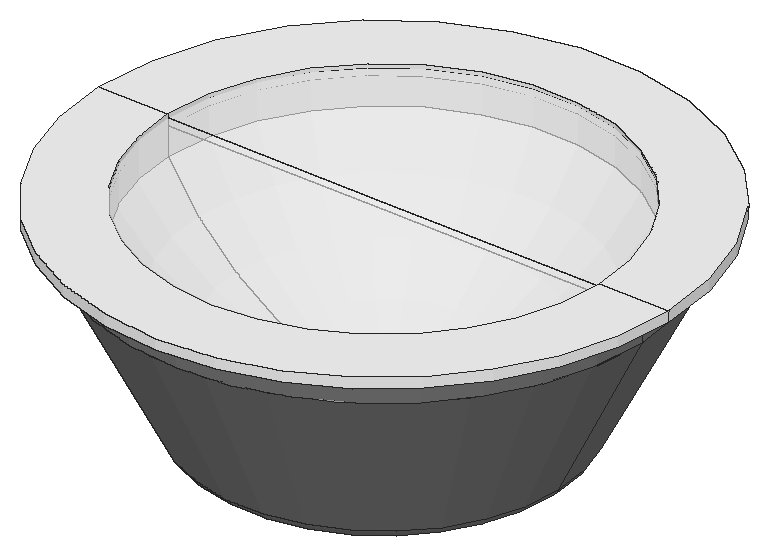
Revit family "30501", category Lighting Fixtures, host Face, Revit 2018
Family settings
  Host = Face
  Round Connector Dimension = Use Diameter
  Part Type = Normal
  OmniClass Number = 23.80.70.00
  OmniClass Title = Lighting
  Cut with Voids When Loaded = No
  Light Source = Yes
  Shared = No
  Room Calculation Point = No
Parameters (values of type "0030501 INSAVER SLIM UGR19 IP44 150 1200LM 840")
  WidthBezel_SYL = if(Size1_SYL, 20 mm, if(Size2_SYL, 20 mm, if(Size3PIR_SYL, 30 mm, if(Size4_SYL, 20 mm, 20 mm))))  # 20 mm
  Weight = "n/a"
  Wattage Comments = ""
  Wattage = 9 W
  WarrantyStartDate [instance] = "n/a"
  WarrantyGuarantorParts = "n/a"
  WarrantyDurationUnit = "n/a"
  WarrantyDurationParts = ""
  WarrantyDescription = "http://www.sylvania-lighting.com"
  built-in parameter 1150110 = 1 (stored number, unit not read)
  Voltage = 230 V
  VisibilityPIR_SYL = Size3PIR_SYL  # no
  URL = "0.9"
  TypeName = "Insaver Slim UGR19 IP44 150 1200lm 840"
  Type Image = <None>
  Type Comments = "n/a"
  built-in parameter 1114217 = 1 (stored number, unit not read)
  Tilt Angle = -90.00°
  built-in parameter 1150109 = 1 (stored number, unit not read)
  built-in parameter 1150134 = (empty or 0)
  built-in parameter 1150113 = 1 (stored number, unit not read)
  Size4_SYL = no
  Size3PIR_SYL = no
  Size2_SYL = no
  Size1_SYL = yes
  SerialNumber [instance] = "n/a"
  RadiusTop_SYL = 6 mm
  RadiusReflector_SYL = if(Size1_SYL, 85 mm, if(Size2_SYL, 85 mm, if(Size3PIR_SYL, 85 mm, if(Size4_SYL, 100 mm, 120 mm))))  # 85 mm
  Photometric Web File = "0030501.IES"
  Material_3_FEILO = Top-Sylvania-STARTDownlight
  PowerFactor = 0.9
  PowerConsumption = "Lighting"
  NominalLength = 165 mm
  NominalHeight = 50 mm
  NominalDepth = 165 mm
  Name = "Insaver Slim UGR19 IP44 150 1200lm 840"
  ModelReference = Name  # "Insaver Slim UGR19 IP44 150 1200lm 840"
  ModelNumber = "0030501"
  Model = Name  # "Insaver Slim UGR19 IP44 150 1200lm 840"
  Material = "Feilo Sylvania"
  ManufacturerName = "126 lm/W"
  Manufacturer = ""
  LuminousEfficacy = ""
  built-in parameter 1150105 = 83.795 (stored number, unit not read)
  Lumens = 1053 lm
  LuminaireType = "0"
  built-in parameter 1150115 = 1 (stored number, unit not read)
  LightOutputRatio = "LED"
  built-in parameter 1150137 = (empty or 0)
  built-in parameter 1150139 = (empty or 0)
  LampsType = Lamp  # "n/a"
  LampNominalLuminous = "4000 K"
  LampMacAdamStep = "80"
  LampColourTemperature = "LED"
  LampColourRenderingIndex = "16500"
  built-in parameter 1150112 = 1 (stored number, unit not read)
  built-in parameter 1150114 = 1 (stored number, unit not read)
  Lamp = "n/a"
  Keynote = "n/a"
  InstallationDate [instance] = "n/a"
  InputVoltage = "0"
  InputNominalFrequency = "4000"
  built-in parameter 1150132 = (empty or 0)
  built-in parameter 1150102 = (empty or 0)
  built-in parameter 1150107 = 3000 (stored number, unit not read)
  built-in parameter 1150138 = (empty or 0)
  IngressProtection = "IfcLightFixtureType"
  ImpactProtectionIndex = "IfcLightFixtureType"
  built-in parameter 1150106 = 0.83795 (stored number, unit not read)
  IfcExportType = "IfcLightFixtureType"
  IfcExportAs = "Class II"
  Height_SYL = if(Size1_SYL, 61 mm, if(Size2_SYL, 61 mm, if(Size3PIR_SYL, 61 mm, if(Size4_SYL, 61 mm, 60 mm))))  # 61 mm
  HeightBezel_SYL = if(Size1_SYL, 3 mm, if(Size2_SYL, 3 mm, if(Size3PIR_SYL, 3 mm, if(Size4_SYL, 3.2 mm, 3 mm))))  # 3 mm
  ExpectedLife = 50000
  Emit from Circle Diameter = Diameter_SYL - 40 mm  # 125 mm
  Emit Shape Visible in Rendering = no
  ElectricShockClassification = "126"
  built-in parameter 1150104 = 10.87 (stored number, unit not read)
  DurationUnit = "hours"
  DocumentationLiterature = "http://www.sylvania-lighting.com/product/en-int/products/0030501"
  DimmingControlOptions = "n/a"
  Material_2_FEILO = Diffuser-Sylvania-STARTDownlight
  Dimming Lamp Color Temperature Shift = <None>
  Diameter_SYL = if(Size1_SYL, 165 mm, if(Size2_SYL, 190 mm, if(Size3PIR_SYL, 211 mm, if(Size4_SYL, 220 mm, 240 mm))))  # 165 mm
  DiameterTop_SYL = if(Size1_SYL, 98 mm, if(Size2_SYL, 122 mm, if(Size3PIR_SYL, 120 mm, if(Size4_SYL, 135 mm, 158 mm))))  # 98 mm
  DiameterTopBase_SYL = DiameterRecess_SYL  # 150 mm
  DiameterRecess_SYL = if(Size1_SYL, 150 mm, if(Size2_SYL, 170 mm, if(Size3PIR_SYL, 186 mm, if(Size4_SYL, 200 mm, 225 mm))))  # 150 mm
  Description = "Insaver Slim is a ceiling recessed LED downlight (IP44 from the front),Die-cast aluminium body, loop in loop out connector for quick installation, Non dimmable LED driver, 9.5W; 1200lm; 126lm/W; 4000K; UGR <19 with shallow product depth 50mm. Meets TP(a) requirements."
  Default Elevation = 1219.2 mm
  CreatedOn = "05/03/2024"
  CreatedBy = "@sylvania-lighting.com"
  Cost = 0
  Color Filter = 16777215
  built-in parameter 1114216 [instance] = (empty or 0)
  ClassificationValue = "EF_70_80"
  ClassificationName = "Uniclass2015"
  Material_1_FEILO = Trim-Sylvania-STARTDownlight-White
  BarCode [instance] = "n/a"
  built-in parameter 1114218 = 1 (stored number, unit not read)
  built-in parameter 1150133 = 10 (stored number, unit not read)
  AssetType = "Fixed"
  AssetIdentifier [instance] = "n/a"
  Assembly Code = "D5020200"
  Apparent Load = 9.5 VA
  Material_4_FEILO = LED-Sylvania-STARTDownlight
Reference planes
  plane 1 "Center (Front/Back)": y = 0
  plane 2: z = 0
  plane 3 "Center (Left/Right)": x = 0
  plane 4: x = 82.5
  plane 5: x = -82.5
  plane 6: z = 3
  plane 7: z = -8
  plane 8: z = -58
  plane 9: x = -75
  plane 10: x = 75
  plane 11: x = -49
  plane 12: x = 49
  plane 13: z = -85
  plane 14: x = -62.5
  plane 15: z = 2
  plane 16: z = -46
  plane 17: x = -16
  plane 18: x = -67.5
  plane 19: x = -81.5
  plane 20: x = -99.5
  plane 21: x = -76.5
  plane 22: z = 5.5
  plane 23: z = 8.7
  plane 24: x = -75.5
  plane 25: z = 13.7
Forms (mm)
  Revolve 1, void
    sketch origin (0, 0, 0) x (1, 0, 0) y (0, 0, 1)
      loop
        line (0, 0) -> (-75, 0) -> (-75, -85) -> (0, -85) -> (0, 0)
      axis (0, 0) -> (0, -85)
    angle from 360 to 0
  Revolve 2, solid, material "Trim-Sylvania-STARTDownlight-White" <- "Material_1_FEILO"
    sketch origin (0, 0, 0) x (1, 0, 0) y (0, 0, 1)
      loop
        line (-62.5, 3) -> (-82.5, 3) -> (-82.5, 0) -> (-75, 0) -> (-75, -8) -> (-50.681, -54.768)
        arc (-50.681, -54.768) -> (-48.471, -57.129) -> (-45.357, -58) r 6
        line (-45.357, -58) -> (0, -58) -> (0, -46) -> (-16, -46)
        arc (-16, -46) -> (-42.718, -31.243) -> (-62.5, -8) r 85
        line (-62.5, -8) -> (-62.5, 3)
      axis (0, 3) -> (0, -58)
    angle from 360 to 0
  Revolve 3, solid, material "Diffuser-Sylvania-STARTDownlight" <- "Material_2_FEILO"
    sketch origin (0, 0, 0) x (1, 0, 0) y (0, 0, 1)
      loop
        line (-62.5, 0) -> (0, 0) -> (0, 2) -> (-62.5, 2) -> (-62.5, 0)
      axis (0, 2) -> (0, 0)
    angle from 360 to 0
  Revolve 4, solid, material "Trim-Sylvania-STARTDownlight-White" <- "Material_1_FEILO", visible <- "VisibilityPIR_SYL"
    sketch origin (0, 0, 0) x (1, 0, 0) y (0, 0, 1)
      loop
        line (-67.5, 3) -> (-67.5, 13.7)
        arc (-67.5, 13.7) -> (-72.217, 12.347) -> (-75.5, 8.7) r 8.9
        line (-75.5, 8.7) -> (-75.5, 5.5) -> (-76.5, 5.5) -> (-76.5, 3) -> (-67.5, 3)
      axis (-67.5, 13.7) -> (-67.5, 3)
    angle from 360 to 0
Dimensions and locks
  equal spacing: plane 4, plane 3 "Center (Left/Right)", plane 5
  "Diameter_SYL": plane 4 to plane 5
  equal spacing: plane 10, plane 3 "Center (Left/Right)", plane 9
  equal spacing: plane 12, plane 3 "Center (Left/Right)", plane 11
  "DiameterTop_SYL": plane 12 to plane 11
  "HeightBezel_SYL": plane 6 to plane 2
  "Height_SYL": plane 6 to plane 8
  locked: plane 2 to plane 7 at 8
  locked: plane 2 to plane 13 at 85
  "WidthBezel_SYL": plane 14 to plane 5
  locked: plane 6 to plane 15 at 1
  "DiameterRecess_SYL": plane 10 to plane 9
  locked: plane 3 "Center (Left/Right)" to plane 17 at 16
  locked: plane 16 to plane 8 at 12
  locked: plane 18 to plane 21 at 9
  locked: plane 22 to plane 6 at 2.5
  locked: plane 23 to plane 22 at 3.2
  locked: plane 18 to plane 24 at 8
  locked: plane 25 to plane 23 at 5
  locked: plane 25 to Revolve 4 sketch curve at 8.9
  locked: plane 18 to plane 5 at 15
  "RadiusReflector_SYL": radius of Revolve 2 sketch curve
  "RadiusTop_SYL": radius of Revolve 2 sketch curve
  aligned and locked: plane 2 to host face
  aligned and locked: level to host face
  aligned and locked: Revolve 1 sketch curve to plane 3 "Center (Left/Right)"
  aligned and locked: plane 3 "Center (Left/Right)" to Revolve 1 sketch curve
  aligned and locked: Revolve 1 sketch curve to plane 9
  aligned and locked: plane 13 to Revolve 1 sketch curve
  aligned and locked: plane 3 "Center (Left/Right)" to imposter light
  aligned and locked: imposter light to plane 15
  aligned and locked: imposter light to plane 1 "Center (Front/Back)"
  aligned and locked: Revolve 2 sketch curve to plane 3 "Center (Left/Right)"
  aligned and locked: Revolve 2 sketch curve to plane 6
  aligned and locked: Revolve 2 sketch curve to plane 5
  aligned and locked: Revolve 2 sketch curve to level
  aligned and locked: plane 7 to Revolve 2 sketch curve  (x2)
  aligned and locked: Revolve 2 sketch curve to plane 9
  aligned and locked: plane 8 to Revolve 2 sketch curve
  aligned and locked: Revolve 2 sketch curve to plane 14
  aligned and locked: plane 3 "Center (Left/Right)" to Revolve 2 sketch curve
  aligned and locked: Revolve 2 sketch curve to plane 16
  aligned and locked: Revolve 3 sketch curve to plane 3 "Center (Left/Right)"
  aligned and locked: Revolve 3 sketch curve to level
  aligned and locked: imposter light to Revolve 3 sketch curve  (x2)
  aligned and locked: Revolve 4 sketch curve to plane 18  (x2)
  aligned and locked: Revolve 4 sketch curve to plane 6
  aligned and locked: plane 22 to Revolve 4 sketch curve
  aligned and locked: plane 24 to Revolve 4 sketch curve
  aligned and locked: Revolve 4 sketch curve to Revolve 4 sketch curve
  aligned and locked: plane 21 to Revolve 4 sketch curve
Automatic sketch dimensions
  host sketch curve to host sketch curve = 2438.4 mm  (x2)
  plane 13 to Revolve 1 sketch curve = 524.6 mm
  Revolve 1 sketch curve to plane 6 = 2606.058 mm
  Revolve 1 sketch curve to level = 0 mm
  Revolve 2 sketch curve to plane 17 = 0 mm
  Revolve 2 sketch curve to plane 11 = 1.681 mm
  plane 11 to Revolve 2 sketch curve = 3.643 mm
  plane 13 to Revolve 2 sketch curve = 524.6 mm
  Revolve 2 sketch curve to Revolve 2 sketch curve = 2577.983 mm
  Revolve 3 sketch curve to plane 14 = 0 mm
  plane 13 to Revolve 3 sketch curve = 524.6 mm
  Revolve 3 sketch curve to plane 6 = 2606.058 mm
  Revolve 4 sketch curve to plane 23 = 0 mm
  plane 13 to Revolve 4 sketch curve = 524.6 mm
  Revolve 4 sketch curve to Revolve 4 sketch curve = 2595.358 mm
Connectors
  electrical at (0, 0, 0), driven by "Apparent Load", driven by "PowerFactor", driven by "Voltage"
    settings: index 1, voltage 230 V, apparent load 9.5 VA, apparent load phase1 0 VA, apparent load phase2 0 VA, apparent load phase3 0 VA, power factor 0.9, load classification "Lighting", number of poles 1, system type 30, power factor state 1, is connector primary yes, connector utility no, sub classification motor no, connector description ""
